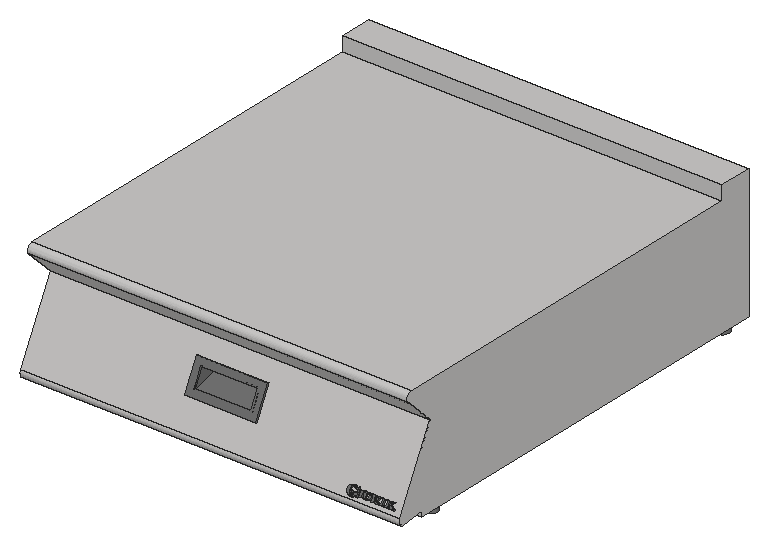
Revit family "QF_GIORIK_EN94CT", category Specialty Equipment, Revit 2014
Parameters (values of type "EN94CT")
  Weight in Pounds = 110.231
  URL Cutsheet = "www.giorik.com"
  URL = "www.giorik.com"
  Status [instance] = ""
  Specification by User [instance] = ""
  Specification by Manufacturer = ""
  Show Logo [instance] = yes
  Show Clearance [instance] = yes
  Serial Number = ""
  Seismic Rating = ""
  SMACNA No = ""
  Revision Code [instance] = ""
  NAFEM Spec ID Number = ""
  Model = "EN94CT"
  Masterspec = ""
  Manufacturer = "GIORIK"
  Item Number [instance] = ""
  Installed By [instance] = ""
  Identify Quantity as Lot [instance] = no
  Furnished By [instance] = ""
  Foodservice Equipment Identifier [instance] = yes
  Description = "NEUTRAL UNIT WITH DRAWER - COUNTERTOP"
  CSI MasterFormat = ""
  Assembly Code = "E1090320"
Reference planes
  plane 1 "Back": y = 0
  plane 2: z = 0
  plane 3 "Left": x = 0
  plane 4 "Right": x = 800
  plane 5 "Front": y = -920
  plane 6 "Top": z = 300
Forms (mm)
  Extrusion 1, solid, visible <- "Show Logo"
    sketch origin (591.604, -936.761, 9.486) x (-1, 0, 0) y (0, 0.452718, 0.891654)
      loop
        line (-118.824, 58.358) -> (-127.804, 58.358) -> (-125.523, 56.445) -> (-125.523, 48.027) -> (-127.804, 46.113) -> (-118.824, 46.113) -> (-121.105, 48.027) -> (-121.105, 56.445) -> (-118.824, 58.358)
      loop
        line (-163.721, 58.358) -> (-172.7, 58.358) -> (-170.42, 56.445) -> (-170.42, 48.027) -> (-172.7, 46.113) -> (-163.721, 46.113) -> (-166.001, 48.027) -> (-166.001, 56.445) -> (-163.721, 58.358)
      loop
        line (-174.332, 58.358) -> (-183.312, 58.358) -> (-181.031, 56.445) -> (-181.031, 52.435) -> (-186.419, 56.955) -> (-184.416, 58.358) -> (-191.268, 58.358) -> (-188.01, 56.839) -> (-185.455, 54.283) -> (-190.846, 47.858) -> (-193.396, 46.93) -> (-193.396, 46.113) -> (-184.416, 46.113) -> (-185.437, 47.571) -> (-182.443, 51.552) -> (-181.031, 50.894) -> (-181.031, 48.027) -> (-183.312, 46.113) -> (-174.332, 46.113) -> (-176.613, 48.027) -> (-176.613, 56.445) -> (-174.332, 58.358)
      loop
        line (-115.429, 62.063) -> (-115.429, 54.198)
        arc (-115.429, 54.198) -> (-111.618, 57.803) -> (-106.847, 59.986) r 16.039
        arc (-106.847, 59.986) -> (-103.314, 59.837) -> (-100.512, 57.68) r 5.851
        arc (-100.512, 57.68) -> (-98.815, 52.267) -> (-100.512, 46.853) r 9.479
        arc (-100.512, 46.853) -> (-102.406, 44.986) -> (-104.846, 43.93) r 7.236
        arc (-104.846, 43.93) -> (-107.728, 44.111) -> (-110.052, 45.825) r 5.11
        line (-110.052, 45.825) -> (-110.052, 52.001) -> (-116.141, 52.001) -> (-116.141, 45.503) -> (-117.893, 43.751) -> (-114.094, 44.769)
        arc (-114.094, 44.769) -> (-112.56, 44.947) -> (-111.129, 44.366) r 3.115
        arc (-111.129, 44.366) -> (-104.216, 42.091) -> (-97.303, 44.366) r 11.641
        arc (-97.303, 44.366) -> (-93.396, 52.107) -> (-97.303, 59.849) r 9.622
        arc (-97.303, 59.849) -> (-104.369, 62.174) -> (-111.435, 59.849) r 11.898
        line (-111.435, 59.849) -> (-115.429, 62.063)
      loop
        arc (-129.234, 56.068) -> (-135.893, 58.628) -> (-142.552, 56.068) r 9.941
        arc (-142.552, 56.068) -> (-144.234, 52.286) -> (-142.552, 48.505) r 5.093
        arc (-142.552, 48.505) -> (-135.893, 45.945) -> (-129.234, 48.505) r 9.941
        arc (-129.234, 48.505) -> (-127.552, 52.286) -> (-129.234, 56.068) r 5.093
      loop
        arc (-132.628, 54.403) -> (-135.893, 57.668) -> (-139.158, 54.403) r 3.265
        line (-139.158, 54.403) -> (-139.158, 50.169)
        arc (-139.158, 50.169) -> (-135.893, 46.904) -> (-132.628, 50.169) r 3.265
        line (-132.628, 50.169) -> (-132.628, 54.403)
      loop
        arc (-156.363, 58.365) -> (-159.647, 55.081) -> (-156.363, 51.796) r 3.285
        line (-156.363, 51.796) -> (-159.529, 47.306) -> (-162.087, 46.113) -> (-155.847, 46.113) -> (-153.529, 51.083) -> (-150.637, 51.083) -> (-150.637, 47.784) -> (-153.022, 46.113) -> (-144.011, 46.113) -> (-146.094, 47.68) -> (-146.094, 56.493) -> (-144.229, 58.365) -> (-156.363, 58.365)
      loop
        line (-150.637, 57.512) -> (-153.637, 57.512)
        arc (-153.637, 57.512) -> (-156.237, 54.912) -> (-153.637, 52.312) r 2.6
        line (-153.637, 52.312) -> (-150.637, 52.312) -> (-150.637, 57.512)
      loop
        line (-108.924, 52.001) -> (-104.936, 49.005) -> (-100.948, 52.001) -> (-108.924, 52.001)
    from 1.5 to -0.5
  Extrusion 2, solid
    sketch origin (0, 800, -620) x (0, 1, 0) y (0, 0, 1)
      loop
        line (-800, 919.988) -> (-870, 919.988) -> (-870, 889.988) -> (-1688.806, 889.988)
        arc (-1688.806, 889.988) -> (-1699.151, 883.075) -> (-1696.724, 870.873) r 11.197
        line (-1696.724, 870.873) -> (-1640.876, 815.025) -> (-1718.948, 661.258)
        arc (-1718.948, 661.258) -> (-1718.233, 650.105) -> (-1708.118, 645.354) r 10.981
        line (-1708.118, 645.354) -> (-1660, 649.925) -> (-1660, 640) -> (-800, 640) -> (-800, 919.988)
    from 0 to 800
  Extrusion 3, solid, visible <- "Show Clearance", detail levels coarse
    sketch origin (0, -155, -368) x (0, 1, 0) y (0, 0, 1)
      loop
        line (-685, 393.257) -> (-685, 563) -> (-1220, 563) -> (-1220, 393.257) -> (-685, 393.257)
    from 0 to 800
  Extrusion 4, solid
    sketch origin (400, -520.043, -686.16) x (0, 0.891654, -0.452718) y (0, 0.452718, 0.891654)
      loop
        line (-642, 585) -> (-685, 545) -> (-681.85, 545) -> (-642, 582.07) -> (-642, 585)
    from -60 to 60
  Extrusion 5, solid
    sketch origin (0, -1130.826, -376.048) x (1, 0, 0) y (0, 0.452718, 0.891654)
      loop
        line (340, 585) -> (340, 545) -> (460, 545) -> (460, 585) -> (340, 585)
      loop
        line (325, 600) -> (325, 530) -> (475, 530) -> (475, 600) -> (325, 600)
    from 0 to 2
  Extrusion 6, solid
    sketch origin (0, -520.043, -686.16) x (1, 0, 0) y (0, 0.452718, 0.891654)
      loop
        line (338, 587) -> (338, 543) -> (462, 543) -> (462, 587) -> (338, 587)
      loop
        line (340, 585) -> (340, 545) -> (460, 545) -> (460, 585) -> (340, 585)
    from 642 to 685
  Extrusion 7, void
    sketch origin (0, -200, -600) x (0, 1, 0) y (0, 0, 1)
      loop
        line (-665.08, 747.353) -> (-685, 708.12) -> (-644.876, 687.748) -> (-624.956, 726.98) -> (-665.08, 747.353)
    from 338 to 462
  Extrusion 8, solid
    sketch origin (543.603, 45.293, -30) x (0, 1, 0) y (-1, 0, 0)
      loop
        circle (-79.293, 516.603) r 5
    from 41.965 to 50
  Revolve 9, solid
    sketch origin (27, 49.943, -600) x (0, 1, 0) y (0, 0, 1)
      loop
        line (-83.943, 611.965) -> (-94.752, 611.965) -> (-97.943, 600) -> (-83.943, 600) -> (-83.943, 611.965)
      axis (-83.943, 611.965) -> (-83.943, 600)
    angle from 0 to 360
  Extrusion 10, solid
    sketch origin (256.397, 45.293, -30) x (0, 1, 0) y (-1, 0, 0)
      loop
        circle (-79.293, -516.603) r 5
    from 41.965 to 50
  Revolve 11, solid
    sketch origin (773, 49.943, -600) x (0, 1, 0) y (0, 0, -1)
      loop
        line (-83.943, -611.965) -> (-83.943, -600) -> (-97.943, -600) -> (-94.752, -611.965) -> (-83.943, -611.965)
      axis (-83.943, -611.965) -> (-83.943, -600)
    angle from 0 to 360
  Extrusion 12, solid
    sketch origin (543.603, -724.774, -30) x (0, 1, 0) y (-1, 0, 0)
      loop
        circle (-79.293, 516.603) r 5
    from 41.965 to 50
  Revolve 13, solid
    sketch origin (27, -720.125, -600) x (0, 1, 0) y (0, 0, 1)
      loop
        line (-83.943, 611.965) -> (-94.752, 611.965) -> (-97.943, 600) -> (-83.943, 600) -> (-83.943, 611.965)
      axis (-83.943, 611.965) -> (-83.943, 600)
    angle from 0 to 360
  Extrusion 14, solid
    sketch origin (256.397, -724.774, -30) x (0, 1, 0) y (-1, 0, 0)
      loop
        circle (-79.293, -516.603) r 5
    from 41.965 to 50
  Revolve 15, solid
    sketch origin (773, -720.125, -600) x (0, 1, 0) y (0, 0, -1)
      loop
        line (-83.943, -611.965) -> (-83.943, -600) -> (-97.943, -600) -> (-94.752, -611.965) -> (-83.943, -611.965)
      axis (-83.943, -611.965) -> (-83.943, -600)
    angle from 0 to 360
Cuts and joins
  Extrusion 7 cuts Extrusion 2
Lines and regions (mm)
  symbolic lines, style "200-EquipBorder-2D"
    curve 1: line (0, -920, 0) -> (800, -920, 0)
    curve 2: line (800, -920, 0) -> (800, 0, 0)
    curve 3: line (800, 0, 0) -> (0, 0, 0)
    curve 4: line (0, 0, 0) -> (0, -920, 0)
  symbolic lines, style "QF_Door-Drawer Clearances", visible <- "Show Clearance", detail levels coarse
    curve 5: line (0, -920, 0) -> (0, -1375, 0)
    curve 6: line (0, -1375, 900) -> (800, -1375, 900)
    curve 7: line (800, -1375, 900) -> (800, -920, 900)
  symbolic lines, style "200-EquipInternal-2D"
    curve 8: line (0, -70, 300) -> (800, -70, 300)
Dimensions and locks
  plane 3 "Left" to plane 4 "Right" = 800 mm
  plane 5 "Front" to plane 1 "Back" = 920 mm
  plane 4 "Right" to plane 3 "Left" = 800 mm
  plane 1 "Back" to plane 5 "Front" = 920 mm
  plane 6 "Top" to level = 300 mm  (x2)
  aligned and locked: level to plane 2
